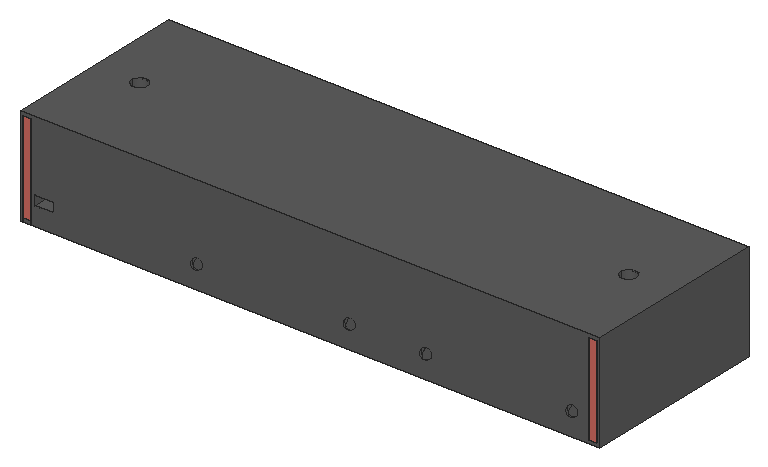
Revit family "Electronics_Commercial-Audio_Biamp_Preamplifier_PM-4100", category Communication Devices, host Face, Revit 2020
Family settings
  Host = Face
  Maintain Annotation Orientation = No
  Round Connector Dimension = Use Diameter
  Part Type = Normal
  OmniClass Number = 23.85.10.11.14
  Cut with Voids When Loaded = No
  Shared = No
  Room Calculation Point = No
Parameters (values of type "PM-4100")
  Width = 0' - 8.58268"  # constant formula
  Weight = 1.10 lbf  # constant formula
  Voltage = 12 V  # constant formula
  URL = "https://www.biamp.com/"
  Temperature Range = "32 - 86° F (0 – 30° C)"  # constant formula
  Product data url = "https://www.bimobject.com/biamp/product/pm4100_commercial-audio-preamplifier"
  Product Page URL = "https://www.biamp.com/products/product-families/commercial-audio/pre-amplifiers#pm4100"
  Product Documentation Link = "https://downloads.biamp.com/assets/docs/default-source/data-sheets/biamp_data_sheet_pm4100_sep21.pdf"
  Power Factor = 1
  Number of Poles = 1
  Model = "PM4100 "  # constant formula
  Max Power Consumption = 5 W  # constant formula
  Manufacturer = "Biamp"  # constant formula
  Keynote = ""
  Humidity = "10-90% relative humidity (non-condensing)\r"  # constant formula
  Housing Material = Biamp - Metal - Black
  Height = 0' - 1.45669"  # constant formula
  Description = "PM4100 Preamplifier"  # constant formula
  Depth = 0' - 2.75591"  # constant formula
  Default Elevation = 4' - 0"
  Cooling = "Convection\r"  # constant formula
  Connector Description = "12V DC 5W"  # constant formula
  Compliance = "FCC Part 15B (USA)\r\nUL listed (USA and Canada)\r\nCE Marked (Europe)\r\nRoHS Directive (Europe)"  # constant formula
  Apparent Load = Max Power Consumption / Power Factor  # 5 VA
  Altitude = "0-6,600 ft (0-2000m) MSL"  # constant formula
Reference planes (in)
  plane 1 "Center (Front/Back)": y = 0
  plane 2: z = 0
  plane 3 "Center (Left/Right)": x = 0
Forms (in)
  Extrusion 1, solid, material "Biamp - Metal - Black" <- "Housing Material", detail levels medium+fine
    sketch origin (0, 0, 0) x (1, 0, 0) y (0, 1, 0)
      loop
        line (4.29134, 1.37795) -> (-4.29134, 1.37795) -> (-4.29134, -1.37795) -> (-4.25197, -1.37795) -> (-4.25197, -1.33858) -> (-4.13386, -1.33858) -> (-4.13386, -1.37795) -> (4.13386, -1.37795) -> (4.13386, -1.33697) -> (4.25197, -1.33697) -> (4.25197, -1.37795) -> (4.29134, -1.37795) -> (4.29134, 1.37795)
      loop
        circle (-3.62205, 0) r 0.11811
      loop
        circle (3.62205, 0) r 0.11811
    from 0 to 1.45669
  Extrusion 2, solid, material "Biamp - Plastic - White", detail levels medium+fine
    sketch origin (0, 0, 0) x (1, 0, 0) y (0, 0, 1)
      loop
        circle (2.18012, 1.05074) r 0.17717
      loop
        circle (2.7454, 1.05074) r 0.17717
      loop
        circle (3.2904, 1.05074) r 0.17717
      loop
        circle (3.85798, 1.05074) r 0.17717
    from -1.37795 to -1.5748
  Extrusion 3, void
    sketch origin (0, 0, 0) x (1, 0, 0) y (0, 0, 1)
      loop
        line (1.72555, 0.68815) -> (1.22493, 0.68815) -> (1.22493, 0.24667) -> (1.72555, 0.24667) -> (1.72555, 0.68815)
    from -1.37795 to -0.98425
  Extrusion 4, void
    sketch origin (0, 0, 0) x (1, 0, 0) y (0, 0, 1)
      loop
        line (0.41105, 0.53761) -> (-0.40474, 0.53761) -> (-0.40474, 0.23254) -> (0.41105, 0.23254) -> (0.41105, 0.53761)
    from -1.37795 to -0.98425
  Extrusion 5, void
    sketch origin (0, 0, 0) x (1, 0, 0) y (0, 0, 1)
      loop
        line (-1.3331, 1.16057) -> (-1.85632, 1.16057) -> (-1.85632, 0.22977) -> (-1.3331, 0.22977) -> (-1.3331, 1.16057)
    from -1.37795 to -0.98425
  Extrusion 6, void
    sketch origin (0, 0, 0) x (1, 0, 0) y (0, 0, 1)
      loop
        line (-1.87059, 0.5476) -> (-2.66786, 0.5476) -> (-2.66786, 0.22977) -> (-1.87059, 0.22977) -> (-1.87059, 0.5476)
    from -1.37795 to -0.98425
  Extrusion 7, void
    sketch origin (0, 0, 0) x (1, 0, 0) y (0, 0, 1)
      loop
        line (-2.67548, 0.79573) -> (-3.31079, 0.79573) -> (-3.31079, 0.22977) -> (-2.67548, 0.22977) -> (-2.67548, 0.79573)
    from -1.37795 to -0.98425
  Extrusion 8, void
    sketch origin (0, 0, 0) x (1, 0, 0) y (0, 0, 1)
      loop
        line (-3.32206, 0.22977) -> (-3.32206, 0.55601) -> (-3.68825, 0.55601) -> (-3.68825, 0.22977) -> (-3.32206, 0.22977)
    from -1.37795 to -0.98425
  Extrusion 9, void
    sketch origin (0, 0, 0) x (1, 0, 0) y (0, 0, 1)
      loop
        line (-4.07454, 0.42279) -> (-4.07454, 0.27755) -> (-3.79373, 0.27755) -> (-3.79373, 0.42279) -> (-4.07454, 0.42279)
    from 1.37795 to 1.1811
  Extrusion 10, solid, material "Biamp - Plastic - Red", detail levels medium+fine
    sketch origin (0, 0, 0) x (1, 0, 0) y (0, 0, 1)
      loop
        circle (2.18012, 0.49687) r 0.17717
      loop
        circle (3.85798, 0.49687) r 0.17717
      loop
        circle (3.2904, 0.49687) r 0.17717
      loop
        circle (2.7461, 0.49687) r 0.17717
    from -1.37795 to -1.5748
  Extrusion 11, solid, material "Biamp - Metal - Black" <- "Housing Material", detail levels coarse
    sketch origin (0, 0, 0) x (1, 0, 0) y (0, 1, 0)
      loop
        line (-4.29134, -1.37795) -> (4.29134, -1.37795) -> (4.29134, 1.37795) -> (-4.29134, 1.37795) -> (-4.29134, -1.37795)
    from 1.45669 to 0
  Extrusion 12, solid, material "Biamp - Plastic - Red", detail levels medium+fine
    sketch origin (21.69291, -1.37795, 0) x (-1, 0, 0) y (0, 0, -1)
      loop
        line (25.82677, -1.40493) -> (25.94488, -1.40493) -> (25.94488, -0.05148) -> (25.82677, -0.05148) -> (25.82677, -1.40493)
      loop
        line (17.55906, -1.40493) -> (17.55906, -0.05148) -> (17.44094, -0.05148) -> (17.44094, -1.40493) -> (17.55906, -1.40493)
    from 0 to -0.0315
  Revolve 13, solid, material "Biamp - Glass - Gray", detail levels medium+fine
    sketch origin (-1.66339, 1.37795, 0) x (0, -1, 0) y (0, 0, -1)
      loop
        line (2.75591, -0.35017) -> (2.83465, -0.35017)
        arc (2.83465, -0.35017) -> (2.81158, -0.29449) -> (2.75591, -0.27143) r 0.07874
        line (2.75591, -0.27143) -> (2.75591, -0.35017)
      axis (2.83465, -0.35017) -> (2.75591, -0.35017)
    angle from 0 to 360
  Revolve 14, solid, material "Biamp - Glass - Gray", detail levels medium+fine
    sketch origin (0.60039, 1.37795, 0) x (0, -1, 0) y (0, 0, -1)
      loop
        line (2.75591, -0.35017) -> (2.83465, -0.35017)
        arc (2.83465, -0.35017) -> (2.81158, -0.29449) -> (2.75591, -0.27143) r 0.07874
        line (2.75591, -0.27143) -> (2.75591, -0.35017)
      axis (2.83465, -0.35017) -> (2.75591, -0.35017)
    angle from 0 to 360
  Revolve 15, solid, material "Biamp - Glass - Gray", detail levels medium+fine
    sketch origin (1.73228, 1.37795, 0) x (0, -1, 0) y (0, 0, -1)
      loop
        line (2.75591, -0.35017) -> (2.83465, -0.35017)
        arc (2.83465, -0.35017) -> (2.81158, -0.29449) -> (2.75591, -0.27143) r 0.07874
        line (2.75591, -0.27143) -> (2.75591, -0.35017)
      axis (2.83465, -0.35017) -> (2.75591, -0.35017)
    angle from 0 to 360
  Revolve 16, solid, material "Biamp - Glass - Gray", detail levels medium+fine
    sketch origin (3.89764, 1.37795, 0) x (0, -1, 0) y (0, 0, -1)
      loop
        line (2.75591, -0.35017) -> (2.83465, -0.35017)
        arc (2.83465, -0.35017) -> (2.81158, -0.29449) -> (2.75591, -0.27143) r 0.07874
        line (2.75591, -0.27143) -> (2.75591, -0.35017)
      axis (2.83465, -0.35017) -> (2.75591, -0.35017)
    angle from 0 to 360
  Extrusion 17, solid, material "Biamp - Metal - Black" <- "Housing Material", detail levels medium+fine
    sketch origin (21.69291, -1.37795, 0) x (-1, 0, 0) y (0, 0, -1)
      loop
        line (25.94488, -1.40493) -> (25.82677, -1.40493) -> (25.82677, -1.45669) -> (25.94488, -1.45669) -> (25.94488, -1.40493)
    from 0 to -0.03937
  Extrusion 18, solid, material "Biamp - Metal - Black" <- "Housing Material", detail levels medium+fine
    sketch origin (21.69291, -1.37795, -1.40493) x (-1, 0, 0) y (0, 0, -1)
      loop
        line (25.94488, -1.40493) -> (25.82677, -1.40493) -> (25.82677, -1.45641) -> (25.94488, -1.45641) -> (25.94488, -1.40493)
    from 0 to -0.03937
  Extrusion 19, solid, material "Biamp - Metal - Black" <- "Housing Material", detail levels medium+fine
    sketch origin (30.07874, -1.37795, 0) x (-1, 0, 0) y (0, 0, -1)
      loop
        line (25.94488, -1.40493) -> (25.82677, -1.40493) -> (25.82677, -1.45669) -> (25.94488, -1.45669) -> (25.94488, -1.40493)
    from 0 to -0.03937
  Extrusion 20, solid, material "Biamp - Metal - Black" <- "Housing Material", detail levels medium+fine
    sketch origin (30.07874, -1.37795, -1.40493) x (-1, 0, 0) y (0, 0, -1)
      loop
        line (25.94488, -1.40493) -> (25.82677, -1.40493) -> (25.82677, -1.45641) -> (25.94488, -1.45641) -> (25.94488, -1.40493)
    from 0 to -0.03937
Cuts and joins
  Extrusion 3, Extrusion 4, Extrusion 5, Extrusion 6, Extrusion 7, Extrusion 8, Extrusion 9 cuts Extrusion 1
  joined: Extrusion 1, Extrusion 17, Extrusion 19, Extrusion 20
Lines and regions (in)
  Masking region 1, detail levels medium+fine
    outline origin (0, 0, 0) x (1, 0, 0) y (0, 1, 0)
      loop
        line (-4.29134, 1.37795) -> (-4.29134, -1.37795) -> (4.29134, -1.37795) -> (4.29134, 1.37795) -> (-4.29134, 1.37795)
      loop
        circle (3.62205, 0) r 0.11811
      loop
        circle (-3.62205, 0) r 0.11811
  Masking region 2, detail levels coarse
    outline origin (0, 0, 0) x (1, 0, 0) y (0, 1, 0)
      loop
        line (-4.29134, 1.37795) -> (-4.29134, -1.37795) -> (4.29134, -1.37795) -> (4.29134, 1.37795) -> (-4.29134, 1.37795)
  Masking region 3
    outline origin (0, 0, 0) x (1, 0, 0) y (0, 0, 1)
      loop
        line (4.29134, 1.45669) -> (-4.29134, 1.45669) -> (-4.29134, 0) -> (4.29134, 0) -> (4.29134, 1.45669)
  Masking region 4
    outline origin (0, 0, 0) x (0, 1, 0) y (0, 0, 1)
      loop
        line (1.37795, 1.45669) -> (-1.37795, 1.45669) -> (-1.37795, 0) -> (1.37795, 0) -> (1.37795, 1.45669)
  Masking region 5, detail levels medium+fine
    outline origin (0, 0, 0) x (0, 1, 0) y (0, 0, 1)
      loop
        line (1.5748, 1.22791) -> (1.37795, 1.22791) -> (1.37795, 0.87358) -> (1.5748, 0.87358) -> (1.5748, 1.22791)
      loop
        line (1.5748, 0.67403) -> (1.37795, 0.67403) -> (1.37795, 0.3197) -> (1.5748, 0.3197) -> (1.5748, 0.67403)
Dimensions and locks (in)
  aligned and locked: plane 2 to host face
  aligned and locked: level to host face
Connectors (in)
  electrical at (3.85798, 1.5748, 1.05074)
    settings: on Extrusion 2, index 1, voltage 0 V, apparent load 0 VA, apparent load phase1 0 VA, apparent load phase2 0 VA, apparent load phase3 0 VA, power factor 1, load classification "Other", number of poles 1, system type 5, power factor state 1, is connector primary yes, connector utility no, sub classification motor no, connector description "Stereo line level audio L; Input"
  electrical at (3.2904, 1.5748, 1.05074)
    settings: on Extrusion 2, index 2, voltage 0 V, apparent load 0 VA, apparent load phase1 0 VA, apparent load phase2 0 VA, apparent load phase3 0 VA, power factor 1, load classification "Other", number of poles 1, system type 5, power factor state 1, is connector primary no, connector utility no, sub classification motor no, connector description "Stereo line level audio L; Input"
  electrical at (2.7454, 1.5748, 1.05074)
    settings: on Extrusion 2, index 3, voltage 0 V, apparent load 0 VA, apparent load phase1 0 VA, apparent load phase2 0 VA, apparent load phase3 0 VA, power factor 1, load classification "Other", number of poles 1, system type 5, power factor state 1, is connector primary no, connector utility no, sub classification motor no, connector description "Stereo line level audio L; Input"
  electrical at (2.18012, 1.5748, 1.05074)
    settings: on Extrusion 2, index 4, voltage 0 V, apparent load 0 VA, apparent load phase1 0 VA, apparent load phase2 0 VA, apparent load phase3 0 VA, power factor 1, load classification "Other", number of poles 1, system type 5, power factor state 1, is connector primary no, connector utility no, sub classification motor no, connector description "Stereo line level audio L; Input"
  electrical at (2.18012, 1.5748, 0.49687)
    settings: on Extrusion 10, index 5, voltage 0 V, apparent load 0 VA, apparent load phase1 0 VA, apparent load phase2 0 VA, apparent load phase3 0 VA, power factor 1, load classification "Other", number of poles 1, system type 5, power factor state 1, is connector primary no, connector utility no, sub classification motor no, connector description "Stereo line level audio R; Input"
  electrical at (2.7461, 1.5748, 0.49687)
    settings: on Extrusion 10, index 7, voltage 0 V, apparent load 0 VA, apparent load phase1 0 VA, apparent load phase2 0 VA, apparent load phase3 0 VA, power factor 1, load classification "Other", number of poles 1, system type 5, power factor state 1, is connector primary no, connector utility no, sub classification motor no, connector description "Stereo line level audio R; Input"
  electrical at (3.2904, 1.5748, 0.49687)
    settings: on Extrusion 10, index 8, voltage 0 V, apparent load 0 VA, apparent load phase1 0 VA, apparent load phase2 0 VA, apparent load phase3 0 VA, power factor 1, load classification "Other", number of poles 1, system type 5, power factor state 1, is connector primary no, connector utility no, sub classification motor no, connector description "Stereo line level audio R; Input"
  electrical at (3.85798, 1.5748, 0.49687)
    settings: on Extrusion 10, index 9, voltage 0 V, apparent load 0 VA, apparent load phase1 0 VA, apparent load phase2 0 VA, apparent load phase3 0 VA, power factor 1, load classification "Other", number of poles 1, system type 5, power factor state 1, is connector primary no, connector utility no, sub classification motor no, connector description "Stereo line level audio R; Input"
  electrical at (1.47524, 1.37795, 0.46741)
    settings: on cut or joined group 1 (Extrusion 1, Extrusion 3, Extrusion 4, Extrusion 5, Extrusion 6, Extrusion 7, Extrusion 8, Extrusion 9, Extrusion 17, Extrusion 19, Extrusion 20), index 10, voltage 0 V, apparent load 0 VA, apparent load phase1 0 VA, apparent load phase2 0 VA, apparent load phase3 0 VA, power factor 1, load classification "Other", number of poles 1, system type 5, power factor state 1, is connector primary no, connector utility no, sub classification motor no, connector description "USB audio; Input"
  electrical at (0.00316, 1.37795, 0.38508)
    settings: on cut or joined group 1, index 11, voltage 0 V, apparent load 0 VA, apparent load phase1 0 VA, apparent load phase2 0 VA, apparent load phase3 0 VA, power factor 1, load classification "Other", number of poles 1, system type 5, power factor state 1, is connector primary no, connector utility no, sub classification motor no, connector description "Stereo balanced line level; Output"
  electrical at (-1.59471, 1.37795, 0.69517)
    settings: on cut or joined group 1, index 12, voltage 0 V, apparent load 0 VA, apparent load phase1 0 VA, apparent load phase2 0 VA, apparent load phase3 0 VA, power factor 1, load classification "Other", number of poles 1, system type 5, power factor state 1, is connector primary no, connector utility no, sub classification motor no, connector description "RS-232/IR; Transmitter"
  electrical at (-2.26923, 1.37795, 0.38869)
    settings: on cut or joined group 1, index 13, voltage 0 V, apparent load 0 VA, apparent load phase1 0 VA, apparent load phase2 0 VA, apparent load phase3 0 VA, power factor 1, load classification "Other", number of poles 1, system type 5, power factor state 1, is connector primary no, connector utility no, sub classification motor no, connector description "Digital I/O"
  electrical at (-2.99313, 1.37795, 0.51275), driven by "Power Factor", driven by "Voltage", driven by "Number of Poles"
    settings: on cut or joined group 1, index 14, voltage 12 V, apparent load 0 VA, apparent load phase1 7 VA, apparent load phase2 0 VA, apparent load phase3 0 VA, power factor 1, load classification "Other", number of poles 1, system type 31, power factor state 1, is connector primary no, connector utility no, sub classification motor no, connector description "IEEE 802.3 at Glass2; 7W"
  electrical at (-3.50515, 1.37795, 0.39289), driven by "Voltage", driven by "Max Power Consumption", driven by "Power Factor", driven by "Connector Description", driven by "Number of Poles"
    settings: on cut or joined group 1, index 15, voltage 12 V, apparent load 5 VA, apparent load phase1 0 VA, apparent load phase2 0 VA, apparent load phase3 0 VA, power factor 1, load classification "Other", number of poles 1, system type 31, power factor state 1, is connector primary no, connector utility no, sub classification motor no, connector description "12V DC 5W"
  electrical at (-3.93413, -1.37795, 0.35017)
    settings: on cut or joined group 1, index 16, voltage 0 V, apparent load 0 VA, apparent load phase1 0 VA, apparent load phase2 0 VA, apparent load phase3 0 VA, power factor 1, load classification "Other", number of poles 1, system type 5, power factor state 1, is connector primary no, connector utility no, sub classification motor no, connector description "USB configuration; Input"
